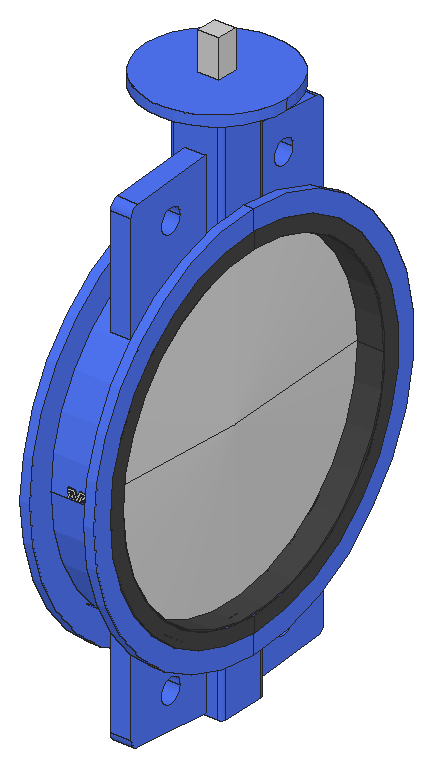
Revit family "820-00-024 DN350-400", category Pipe Accessories, Revit 2022
Family settings
  Round Connector Dimension = Use Diameter
  Part Type = Valve - Breaks Into
  Work Plane-Based = No
  Always vertical = Yes
  Cut with Voids When Loaded = No
  Shared = No
Parameters (values of type "DN350_PN10/16")
  fillte1 = 10 mm  # constant formula
  fillet = 2 * Body_wallthickness  # 20 mm
  disk = LUG_T * 0.75  # 29.25 mm
  Width_dim = Actuator_Dia * 0.85  # 127.5 mm
  Wafer_dim1 = L2 + L2 * 0.3  # 276.25 mm
  Wafer_dim = L2 * 0.4  # 85 mm
  Wafer_Dim2 = Wafer_dim1 * 0.9  # 248.625 mm
  W2_ref = size_lookup(Search_table, "W2", 0 mm, DN)  # 330 mm
  URL product pages = "https://www.avkvalves.com/P.aspx?no=820006500521L0160002"
  Search_table = "820-00-024 DN350-400"
  PCD = size_lookup(Search_table, "PCD", 0 mm, DN) / 2  # 235 mm
  Lug_D = (Hole_dia / 2) * 1.4  # 18.2 mm
  L_ref_3 = L_ref / 1.2  # 46.667 mm
  L_ref_2 = L_ref * 2  # 112 mm
  L_ref = [L-2] - (Flange_thickness * 2)  # 56 mm
  LUG_T = [L-2] * 0.5  # 39 mm
  L2 = size_lookup(Search_table, "L2", 0 mm, DN) / 2  # 212.5 mm
  L-2 = size_lookup(Search_table, "L", 0 mm, DN) - 2 mm  # 78 mm
  L = size_lookup(Search_table, "L", 0 mm, DN)  # 80 mm
  ID = DN / 2  # 175 mm
  Hole_dia = size_lookup(Search_table, "Hole_dia", 0 mm, DN)  # 26 mm
  Hole_L1 = Wafer_Dim2 * 0.9  # 223.763 mm
  Hole_L = Actuator_Dia / 2  # 75 mm
  H2 = size_lookup(Search_table, "H2", 0 mm, DN)  # 268 mm
  Flange_thickness = size_lookup(Search_table, "Flange_Thickness", 0 mm, DN)  # 11 mm
  Fillet = Hole_dia  # 26 mm
  FL_T = Body_wallthickness + Body_wallthickness * 0.5  # 15 mm
  FL_R = ID + Body_wallthickness  # 185 mm
  F2 = size_lookup(Search_table, "F2", 0 mm, DN)  # 40 mm
  F = size_lookup(Search_table, "F", 0 mm, DN)  # 22 mm
  EPDM_R = L2 * 0.9  # 191.25 mm
  EPDM = ID - 1 mm  # 174 mm
  Description_ = "AVK CENTRIC BUTTERFLY VALVE WAFER TYPE, PN10/16"
  Default Elevation = 0 mm
  DN = 350 mm
  Bore = DN / 2  # 175 mm
  Body_wallthickness = 10 mm  # constant formula
  DN400_PN10/16 = "820-0400-00-02020160002"
  DN350_PN10/16 = "820-0350-00-02020160002"
  Actuator_Dia = size_lookup(Search_table, "Actuator_Dia", 0 mm, DN)  # 150 mm
  90 = 90 mm  # constant formula
  1 = 1 mm  # constant formula
Types (3, lengths in mm): name | disk | Wafer_dim1 | Wafer_dim | Wafer_Dim2 | W2_ref | PCD | Lug_D | L_ref_3 | L_ref_2 | L_ref | LUG_T | L2 | L-2 | L | ID | Hole_dia | Hole_L1 | H2 | Fillet | FL_R | F | EPDM_R | EPDM | DN | Bore
  (no name) | 29.25 | 276.25 | 85 | 248.625 | 330 | 235 | 18.2 | 46.667 | 112 | 56 | 39 | 212.5 | 78 | 80 | 175 | 26 | 223.763 | 268 | 26 | 185 | 22 | 191.25 | 174 | 350 | 175
  DN350_PN10/16 | 29.25 | 276.25 | 85 | 248.625 | 330 | 235 | 18.2 | 46.667 | 112 | 56 | 39 | 212.5 | 78 | 80 | 175 | 26 | 223.763 | 268 | 26 | 185 | 22 | 191.25 | 174 | 350 | 175
  DN400_PN10/16 | 37.5 | 308.75 | 95 | 277.875 | 365 | 262.5 | 19.6 | 65 | 156 | 78 | 50 | 237.5 | 100 | 102 | 200 | 28 | 250.088 | 299 | 28 | 210 | 27 | 213.75 | 199 | 400 | 200
Reference planes
  plane 1 "Center (Front/Back)": y = 0
  plane 2: z = 0
  plane 3 "Center (Left/Right)": x = 0
  plane 4: z = 330
  plane 5: z = -268
  plane 6: y = 28
  plane 7: x = -28
  plane 8: y = -28
  plane 9: x = 28
  plane 10: x = -23
  plane 11: x = 23
  plane 12: y = -23
  plane 13: y = -23
  plane 14: x = -23
  plane 15: x = 23
  plane 16: y = 23
  plane 17: y = 23
  plane 18: z = 370
  plane 19: z = 175
  plane 20: z = -175
  plane 21: y = -212.5
  plane 22: y = 212.5
  plane 23: x = -39
  plane 24: x = 39
  plane 25: x = -19.5
  plane 26: x = 19.5
  plane 27: x = -19.5
  plane 28: x = 19.5
  plane 29: x = -19.5
  plane 30: x = 19.5
  plane 31: x = 11
  plane 32: x = -11
  plane 33: y = 75
  plane 34: y = -75
  plane 35: x = -39
  plane 36: x = 39
  plane 37: x = -75
  plane 38: x = 75
  plane 39: x = -40
  plane 40: x = 40
  plane 41: z = -175
  plane 42: z = 276.25
Forms (mm)
  Revolve 1, solid, material "Plastic"
    sketch origin (0, 0, 0) x (1, 0, 0) y (0, 1, 0)
      loop
        line (-39, 185) -> (-39, 175) -> (39, 175) -> (39, 185) -> (-39, 185)
      axis (-39, 0) -> (39, 0)
    angle from 0 to 360
  Extrusion 2, solid, material "Plastic"
    sketch origin (0, 0, 0) x (1, 0, 0) y (0, 1, 0)
      loop
        arc (-23, 28) -> (-26.536, 26.536) -> (-28, 23) r 5
        line (-28, 23) -> (-28, -23)
        arc (-28, -23) -> (-26.536, -26.536) -> (-23, -28) r 5
        line (-23, -28) -> (23, -28)
        arc (23, -28) -> (26.536, -26.536) -> (28, -23) r 5
        line (28, -23) -> (28, 23)
        arc (28, 23) -> (26.536, 26.536) -> (23, 28) r 5
        line (23, 28) -> (-23, 28)
    from -268 to 319
  Extrusion 3, solid, material "Plastic"
    sketch origin (0, 0, 0) x (1, 0, 0) y (0, 1, 0)
      loop
        circle (0, 0) r 75
    from 319 to 330
  Extrusion 4, solid, material "Stainless Steel AISI 304"
    sketch origin (0, 0, 0) x (1, 0, 0) y (0, 1, 0)
      loop
        line (-11, 11) -> (-11, -11) -> (11, -11) -> (11, 11) -> (-11, 11)
    from 330 to 370
  Revolve 5, void
    sketch origin (0, 0, 0) x (1, 0, 0) y (0, 1, 0)
      loop
        line (-39, 175) -> (-39, 0) -> (39, 0) -> (39, 175) -> (-39, 175)
      axis (-39, 0) -> (39, 0)
    angle from 0 to 360
  Revolve 6, solid, material "Stainless Steel AISI 304"
    sketch origin (0, 0, 0) x (1, 0, 0) y (0, 1, 0)
      loop
        line (-19.5, 0) -> (19.5, 0)
        arc (19.5, 0) -> (17.064, 87.636) -> (9.75, 175) r 1573.322
        line (9.75, 175) -> (-9.75, 175)
        arc (-9.75, 175) -> (-17.064, 87.636) -> (-19.5, 0) r 1573.322
      axis (-19.5, 0) -> (19.5, 0)
    angle from 0 to 360
  Revolve 7, solid, material "Default Wall"
    sketch origin (0, 0, 0) x (1, 0, 0) y (0, 1, 0)
      loop
        line (-39, 175) -> (-39, 174) -> (39, 174) -> (39, 175) -> (-39, 175)
      axis (39, 0) -> (-39, 0)
    angle from 0 to 360
  Revolve 8, solid, material "Default Wall"
    sketch origin (0, 0, 0) x (1, 0, 0) y (0, 0, 1)
      loop
        line (-39, 191.25) -> (-40, 191.25) -> (-40, 175) -> (-39, 175) -> (-39, 191.25)
      loop
        line (39, 191.25) -> (39, 175) -> (40, 175) -> (40, 191.25) -> (39, 191.25)
      axis (-40, 0) -> (40, 0)
    angle from 0 to 360
  Revolve 9, solid, material "Plastic"
    sketch origin (0, 0, 0) x (1, 0, 0) y (0, 0, 1)
      loop
        line (39, -185) -> (29, -185) -> (29, -212.5) -> (39, -212.5) -> (39, -185)
      loop
        line (-39, -185) -> (-39, -212.5) -> (-29, -212.5) -> (-29, -185) -> (-39, -185)
      axis (39, 0) -> (-39, 0)
    angle from 0 to 360
  Extrusion 10, solid, material "Plastic"
    sketch origin (0, 0, 0) x (0, 1, 0) y (0, 0, 1)
      loop
        line (118.293, 258.594) -> (0, 268) -> (-118.293, 258.594)
        arc (-118.293, 258.594) -> (-124.846, 255.41) -> (-127.5, 248.625) r 10
        line (-127.5, 248.625) -> (-127.5, 121.342)
        arc (-127.5, 121.342) -> (0.205, 175.999) -> (127.5, 120.394) r 175
        line (127.5, 120.394) -> (127.5, 248.625)
        arc (127.5, 248.625) -> (124.846, 255.41) -> (118.293, 258.594) r 10
      loop
        arc (123.234, -256.818) -> (126.37, -253.243) -> (127.5, -248.625) r 10
        line (127.5, -248.625) -> (127.5, -120.524)
        arc (127.5, -120.524) -> (0.149, -175.999) -> (-127.5, -121.213) r 175
        line (-127.5, -121.213) -> (-127.5, -248.625)
        arc (-127.5, -248.625) -> (-124.846, -255.41) -> (-118.293, -258.594) r 10
        line (-118.293, -258.594) -> (0, -268) -> (123.234, -256.818)
    from -11 to 11
  Extrusion 11, void
    sketch origin (0, 0, 0) x (0, -1, 0) y (0, 0, 1)
      loop
        circle (-75, 223.763) r 13
      loop
        circle (75, 223.762) r 13
      loop
        circle (-75, -223.763) r 13
      loop
        circle (75, -223.762) r 13
    from -75 to 75
Cuts and joins
  Revolve 5 cuts Revolve 1
  Revolve 5 cuts Extrusion 2
  Extrusion 11 cuts Extrusion 10
Dimensions and locks
  equal spacing: Revolve 1 sketch curve, plane 3 "Center (Left/Right)", Revolve 1 sketch curve
  "ID": plane 1 "Center (Front/Back)" to Revolve 1 sketch curve
  "Body_wallthickness": Revolve 1 sketch curve to Revolve 1 sketch curve
  "W2_ref": plane 4 to level
  "H2": level to plane 5
  locked: plane 7 to plane 10 at 5
  locked: plane 11 to plane 9 at 5
  locked: plane 6 to plane 16 at 5
  locked: plane 12 to plane 8 at 5
  locked: plane 15 to plane 9 at 5
  locked: plane 7 to plane 14 at 5
  locked: plane 13 to plane 8 at 5
  locked: plane 17 to plane 6 at 5
  equal spacing: plane 7, plane 3 "Center (Left/Right)", plane 9
  "L_ref": plane 7 to plane 9
  equal spacing: plane 6, plane 1 "Center (Front/Back)", plane 8
  "L_ref": plane 6 to plane 8
  "Flange_thickness": plane 4 to Extrusion 3
  "F2": plane 18 to plane 4
  equal spacing: plane 19, level, plane 20
  "ID": plane 19 to level
  "L2": plane 1 "Center (Front/Back)" to plane 21
  equal spacing: plane 22, plane 1 "Center (Front/Back)", plane 21
  plane 18 to plane 4 = 40 mm
  equal spacing: Extrusion 4 sketch curve, plane 3 "Center (Left/Right)", Extrusion 4 sketch curve
  equal spacing: Extrusion 4 sketch curve, plane 1 "Center (Front/Back)", Extrusion 4 sketch curve
  "F": Extrusion 4 sketch curve to Extrusion 4 sketch curve  (x2)
  equal spacing: plane 24, plane 3 "Center (Left/Right)", plane 23
  "L-2": plane 24 to plane 23
  equal spacing: Revolve 5 sketch curve, plane 3 "Center (Left/Right)", Revolve 5 sketch curve
  "L-2": Revolve 5 sketch curve to Revolve 5 sketch curve
  "ID": plane 1 "Center (Front/Back)" to Revolve 5 sketch curve
  "L-2": Revolve 1 sketch curve to Revolve 1 sketch curve
  "Flange_thickness": plane 4 to cut or joined group of Extrusion 2, Revolve 5
  equal spacing: plane 23, Extrusion 3 sketch curve, plane 24
  equal spacing: plane 21, Extrusion 3 sketch curve, plane 22
  equal spacing: plane 26, plane 3 "Center (Left/Right)", plane 25
  "LUG_T": plane 26 to plane 25
  equal spacing: Revolve 7 sketch curve, plane 3 "Center (Left/Right)", Revolve 7 sketch curve
  "EPDM": plane 1 "Center (Front/Back)" to Revolve 7 sketch curve
  "ID": plane 1 "Center (Front/Back)" to Revolve 7 sketch curve
  "ID": plane 1 "Center (Front/Back)" to Revolve 6 sketch curve
  equal spacing: plane 24, nested 1, plane 23
  equal spacing: Revolve 6 sketch curve, plane 3 "Center (Left/Right)", Revolve 6 sketch curve  (x2)
  equal spacing: plane 27, plane 3 "Center (Left/Right)", plane 28
  "LUG_T": plane 27 to plane 28
  "LUG_T": plane 27 to Revolve 6 sketch curve
  "disk": Revolve 6 sketch curve to plane 28
  equal spacing: plane 30, plane 3 "Center (Left/Right)", plane 29
  "LUG_T": plane 30 to plane 29
  plane 24 to plane 23 = 78 mm
  equal spacing: plane 31, plane 3 "Center (Left/Right)", plane 32
  "F": plane 32 to plane 31
  equal spacing: plane 33, plane 1 "Center (Front/Back)", plane 34
  "Actuator_Dia": plane 33 to plane 34
  "Bore": Revolve 8 sketch curve to level
  equal spacing: plane 36, plane 3 "Center (Left/Right)", plane 35
  "L-2": plane 36 to plane 35
  "1": plane 35 to Revolve 8 sketch curve
  equal spacing: Revolve 8 sketch curve, plane 3 "Center (Left/Right)", Revolve 8 sketch curve
  equal spacing: plane 38, plane 3 "Center (Left/Right)", plane 37
  "Actuator_Dia": plane 37 to plane 38
  equal spacing: plane 40, plane 3 "Center (Left/Right)", plane 39
  "L": plane 40 to plane 39
  equal spacing: Revolve 9 sketch curve, plane 3 "Center (Left/Right)", Revolve 9 sketch curve  (x2)
  "ID": plane 41 to level
  "Body_wallthickness": Revolve 9 sketch curve to plane 41
  "L2": Revolve 9 sketch curve to level
  "EPDM_R": Revolve 8 sketch curve to level
  equal spacing: Extrusion 10, plane 3 "Center (Left/Right)", Extrusion 10
  "H2": level to Extrusion 10 sketch curve
  "1": plane 20 to Extrusion 10 sketch curve
  equal spacing: Extrusion 11 sketch curve, plane 1 "Center (Front/Back)", Extrusion 11 sketch curve  (x2)
  equal spacing: Extrusion 11 sketch curve, level, Extrusion 11 sketch curve  (x2)
  "Hole_L1": Extrusion 11 sketch curve to level  (x2)
  "Hole_L": Extrusion 11 sketch curve to plane 1 "Center (Front/Back)"  (x2)
  "1": Extrusion 10 sketch curve to plane 19
  "Width_dim": Extrusion 10 sketch curve to plane 1 "Center (Front/Back)"
  equal spacing: Extrusion 10 sketch curve, plane 1 "Center (Front/Back)", Extrusion 10 sketch curve  (x2)
  "H2": Extrusion 10 sketch curve to level
  "Width_dim": plane 1 "Center (Front/Back)" to Extrusion 10 sketch curve
  "Wafer_Dim2": Extrusion 10 sketch curve to level  (x2)
  "Wafer_Dim2": level to Extrusion 10 sketch curve  (x2)
  "fillte1": Revolve 9 sketch curve to plane 23
  plane 22 to plane 21 = 425 mm
  "Actuator_Dia": diameter of Extrusion 3 sketch curve
  "Bore": radius of Extrusion 10 sketch curve  (x2)
  "Hole_dia": diameter of Extrusion 11 sketch curve  (x4)
  "fillte1": radius of Extrusion 10 sketch curve  (x4)
  aligned and locked: level to plane 2
  aligned and locked: plane 1 "Center (Front/Back)" to Revolve 1 sketch curve
  aligned and locked: Extrusion 2 sketch curve to plane 11
  aligned and locked: plane 6 to Extrusion 2 sketch curve  (x2)
  aligned and locked: Extrusion 2 sketch curve to plane 16
  aligned and locked: plane 9 to Extrusion 2 sketch curve  (x2)
  aligned and locked: plane 12 to Extrusion 2 sketch curve
  aligned and locked: plane 8 to Extrusion 2 sketch curve  (x2)
  aligned and locked: plane 15 to Extrusion 2 sketch curve
  aligned and locked: plane 14 to Extrusion 2 sketch curve
  aligned and locked: plane 7 to Extrusion 2 sketch curve  (x2)
  aligned and locked: plane 13 to Extrusion 2 sketch curve
  aligned and locked: plane 17 to Extrusion 2 sketch curve
  aligned and locked: Extrusion 2 sketch curve to plane 10
  aligned and locked: Extrusion 2 to plane 5
  aligned and locked: Extrusion 3 to plane 4
  aligned and locked: plane 18 to Extrusion 4
  aligned and locked: plane 4 to Extrusion 4
  aligned and locked: Revolve 5 sketch curve to plane 1 "Center (Front/Back)"
  aligned and locked: plane 1 "Center (Front/Back)" to Revolve 5 sketch curve
  aligned and locked: Revolve 6 sketch curve to plane 1 "Center (Front/Back)"
  aligned and locked: plane 23 to Revolve 7 sketch curve
  aligned and locked: Revolve 7 sketch curve to plane 1 "Center (Front/Back)"
  aligned and locked: plane 35 to Revolve 8 sketch curve
  aligned and locked: plane 36 to Revolve 8 sketch curve
  aligned and locked: plane 19 to Revolve 8 sketch curve
  aligned and locked: Revolve 8 sketch curve to Revolve 8 sketch curve
  aligned and locked: Revolve 8 sketch curve to level
  aligned and locked: Revolve 9 sketch curve to Revolve 9 sketch curve  (x2)
  aligned and locked: Revolve 9 sketch curve to plane 24
  aligned and locked: Revolve 9 sketch curve to level
  aligned and locked: Extrusion 10 to plane 32
  aligned and locked: Extrusion 11 to plane 37
  aligned and locked: Extrusion 11 to plane 38
Automatic sketch dimensions
  Revolve 1 sketch curve to plane 23 = 0 mm
  Revolve 1 sketch curve to plane 24 = 0 mm
  Revolve 5 sketch curve to plane 37 = 40.113 mm
  Revolve 5 sketch curve to plane 38 = 46.639 mm
  plane 1 "Center (Front/Back)" to Revolve 6 sketch curve = 0 mm
  Revolve 6 sketch curve to plane 1 "Center (Front/Back)" = 0.115 mm  (x2)
  Revolve 6 sketch curve to Revolve 6 sketch curve = 0.465 mm
  Revolve 6 sketch curve to Revolve 6 sketch curve = 0.194 mm
  Revolve 7 sketch curve to plane 38 = 18.036 mm
  Revolve 7 sketch curve to Revolve 7 sketch curve = 12.301 mm
  Revolve 8 sketch curve to plane 37 = 14.325 mm
  Revolve 8 sketch curve to plane 38 = 30.809 mm
  Revolve 9 sketch curve to plane 37 = 48.089 mm
  Revolve 9 sketch curve to plane 38 = 11.911 mm
  Extrusion 10 sketch curve to plane 1 "Center (Front/Back)" = 0 mm  (x2)
  plane 1 "Center (Front/Back)" to Extrusion 10 sketch curve = 0.446 mm
  plane 1 "Center (Front/Back)" to Extrusion 10 sketch curve = 0.324 mm
  plane 5 to Extrusion 10 sketch curve = 11.182 mm
Nested families
  nested 1: "Latest New 3" at (0, -184.992, 1.716) x (1, 0, 0) z (0, -1, 0.0093), type "Latest New 3"
Connectors
  piping at (39, 0, 0), diameter 350, driven by "DN"
    settings: on Revolve 1, index 1, connector inside diameter 609.6 mm, connector length 0 mm, flow factor 0, pipe flow 0.0 L/s, pressure drop 0.0 Pa, fitting loss kfactor 0, connector angle 0.00°, fixture units 0, engagement length 0 mm, angle of deflection 0.00°, flow configuration 0, flow direction 0, fitting loss method 0, system type 7, joint type 0, gender type 0, connector reference index -1, connector utility 0, adjustable connector no, is connector primary yes, connector description ""
  piping at (-39, 0, 0), diameter 350, driven by "DN"
    settings: on cut or joined group of Revolve 1, Revolve 5, index 2, connector inside diameter 609.6 mm, connector length 0 mm, flow factor 0, pipe flow 0.0 L/s, pressure drop 0.0 Pa, fitting loss kfactor 0, connector angle 0.00°, fixture units 0, engagement length 0 mm, angle of deflection 0.00°, flow configuration 0, flow direction 0, fitting loss method 0, system type 7, joint type 0, gender type 0, connector reference index -1, connector utility 0, adjustable connector no, is connector primary no, connector description ""
Definition of nested family "Latest New 3"
  Parameters
    Default Elevation = 1219.2 mm
  Reference planes
    plane 1 "Center (Front/Back)": y = 0
    plane 2: z = 0
    plane 3 "Center (Left/Right)": x = 0
  Forms (mm)
    Extrusion 1, solid
      sketch origin (0, 0, 0) x (1, 0, 0) y (0, 1, 0)
        loop
          line (-1219.2, 1219.2) -> (-1219.2, -1219.2) -> (1219.2, -1219.2) -> (1219.2, 1219.2) -> (-1219.2, 1219.2)
      from 0 to -304.8
    Extrusion 2, solid
      sketch origin (0, 0, 0) x (1, 0, 0) y (0, 1, 0)
        loop
          line (-2.683, 9.413) -> (-9.884, 9.413) -> (-9.884, 7.46) -> (-4.022, 7.46) -> (-0.985, 0) -> (0.985, 0) -> (4.022, 7.46) -> (9.884, 7.46) -> (9.884, 9.413) -> (2.683, 9.413) -> (0, 2.824) -> (-2.683, 9.413)
        loop
          line (-4.528, 6.707) -> (-9.884, 6.707) -> (-9.884, 4.824) -> (-8.032, 4.824) -> (-9.884, 0) -> (-7.792, 0) -> (-7.394, 1.035) -> (-4.328, 1.035) -> (-3.907, 0) -> (-1.798, 0) -> (-4.528, 6.707)
        loop
          line (-6.91, 2.824) -> (-5.056, 2.824) -> (-6.01, 5.167) -> (-6.91, 2.824)
        loop
          line (1.798, 0) -> (3.907, 0) -> (4.98, 2.637) -> (6.968, 0) -> (9.413, 0) -> (7.166, 2.983)
          arc (7.166, 2.983) -> (8.216, 3.774) -> (9.007, 4.824) r 4.724
          line (9.007, 4.824) -> (9.884, 4.824) -> (9.884, 6.707) -> (8.001, 6.707)
          arc (8.001, 6.707) -> (7.315, 5.008) -> (5.642, 4.261) r 2.448
          line (5.642, 4.261) -> (6.637, 6.707) -> (4.528, 6.707) -> (1.798, 0)
      from 0 to 1
  Dimensions and locks
    aligned and locked: plane 2 to Extrusion 1
    aligned and locked: level to Extrusion 1
    aligned and locked: Extrusion 2 sketch curve to import instance  (x30)
